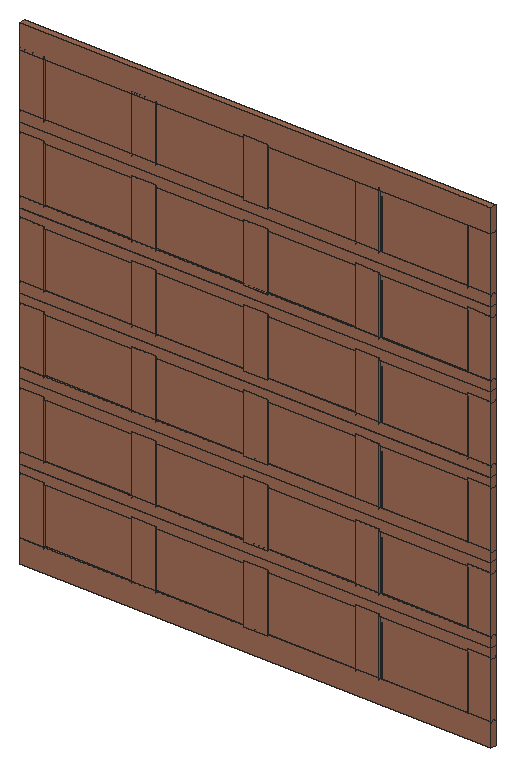
Revit family "GSNGL E 24P CRV", category Doors, host Wall, Revit 2013
Parameters
  Function = Interior
  Frame Projection Ext. = 25 mm
  Frame Projection Int. = 25 mm
  Frame Width = 75 mm
  Height = 2535 mm
  Wall Closure = By host
  Width = 2440 mm
Reference planes
  plane 1: y = 0
  plane 2 "Center (Left/Right)": x = 0
  plane 3 "Left": x = -1220
  plane 4 "Right": x = 1220
  plane 5: z = 2535
  plane 6 "Exterior": y = 75
  plane 7 "Interior": y = -75
  plane 8 "Garage Bottom": y = 75
  plane 9 "Garage Left": x = 1250
  plane 10 "Garage Right": x = -1250
  plane 11 "Garage Top": z = 2100
  plane 12: z = 476
  plane 13: z = 882
  plane 14: z = 1288
  plane 15: z = 1694
  plane 16: z = 2570
  plane 17: z = 380.546
Forms (mm)
  Sweep 1, solid, material "Garage Wood"
    path origin (2744.172, 120, 2099.954) x (1, 0, 0) y (0, 1, 0)
      loop
        line (-3994.172, -225) -> (-1494.172, -225)
    profile "Van Acht 55.5x30 Garage Rail : Van Acht 55.5x30 Garage Rail" origin (0, -105, 2099.954) x (0, 1, 0) y (0, 0, 1)
      loop
        line (0, 0.046) -> (30, 0.046) -> (30, 46.546) -> (28, 46.546)
        arc (28, 46.546) -> (25.296, 51.527) -> (20, 53.546) r 8.162
        line (20, 53.546) -> (20, 55.546) -> (0, 55.546) -> (0, 0.046)
  Extrusion 2, solid, material "Garage Wood"
    sketch origin (0, 0, 400) x (0, -1, 0) y (0, 0, -1)
      loop
        line (105, -2045) -> (85, -2045) -> (85, -2047)
        arc (85, -2047) -> (79.704, -2049.019) -> (77, -2054) r 8.162
        line (77, -2054) -> (75, -2054) -> (75, -2170) -> (105, -2170) -> (105, -2045)
    from -1250 to 1250
  Sweep 3, solid, material "Garage Wood"
    path origin (2744.172, 120, 1287.954) x (1, 0, 0) y (0, 1, 0)
      loop
        line (-3994.172, -225) -> (-1494.172, -225)
    profile "Van Acht 55.5x30 Garage Rail : Van Acht 55.5x30 Garage Rail" origin (0, -105, 1287.954) x (0, 1, 0) y (0, 0, 1)
      loop
        line (0, 0.046) -> (30, 0.046) -> (30, 46.546) -> (28, 46.546)
        arc (28, 46.546) -> (25.296, 51.527) -> (20, 53.546) r 8.162
        line (20, 53.546) -> (20, 55.546) -> (0, 55.546) -> (0, 0.046)
  Extrusion 4, solid, material "Garage Wood"
    sketch origin (0, 0, 0) x (0, -1, 0) y (0, 0, -1)
      loop
        line (105, -1694.046) -> (105, -1638.546) -> (85, -1638.546) -> (85, -1640.546)
        arc (85, -1640.546) -> (79.704, -1642.565) -> (77, -1647.546) r 8.162
        line (77, -1647.546) -> (75, -1647.546) -> (75, -1694.046) -> (105, -1694.046)
    from -1250 to 1250
  Sweep 5, solid, material "Garage Wood"
    path origin (2744.172, 120, 881.954) x (1, 0, 0) y (0, 1, 0)
      loop
        line (-3994.172, -225) -> (-1494.172, -225)
    profile "Van Acht 55.5x30 Garage Rail : Van Acht 55.5x30 Garage Rail" origin (0, -105, 881.954) x (0, 1, 0) y (0, 0, 1)
      loop
        line (0, 0.046) -> (30, 0.046) -> (30, 46.546) -> (28, 46.546)
        arc (28, 46.546) -> (25.296, 51.527) -> (20, 53.546) r 8.162
        line (20, 53.546) -> (20, 55.546) -> (0, 55.546) -> (0, 0.046)
  Extrusion 6, solid, material "Garage Wood"
    sketch origin (0, 0, -406) x (0, -1, 0) y (0, 0, -1)
      loop
        line (105, -1694.046) -> (105, -1638.546) -> (85, -1638.546) -> (85, -1640.546)
        arc (85, -1640.546) -> (79.704, -1642.565) -> (77, -1647.546) r 8.162
        line (77, -1647.546) -> (75, -1647.546) -> (75, -1694.046) -> (105, -1694.046)
    from -1250 to 1250
  Sweep 7, solid, material "Garage Wood"
    path origin (2744.172, 120, 475.954) x (1, 0, 0) y (0, 1, 0)
      loop
        line (-3994.172, -225) -> (-1494.172, -225)
    profile "Van Acht 55.5x30 Garage Rail : Van Acht 55.5x30 Garage Rail" origin (0, -105, 475.954) x (0, 1, 0) y (0, 0, 1)
      loop
        line (0, 0.046) -> (30, 0.046) -> (30, 46.546) -> (28, 46.546)
        arc (28, 46.546) -> (25.296, 51.527) -> (20, 53.546) r 8.162
        line (20, 53.546) -> (20, 55.546) -> (0, 55.546) -> (0, 0.046)
  Extrusion 8, solid, material "Garage Wood"
    sketch origin (0, 0, -812) x (0, -1, 0) y (0, 0, -1)
      loop
        line (105, -1694.046) -> (105, -1638.546) -> (85, -1638.546) -> (85, -1640.546)
        arc (85, -1640.546) -> (79.704, -1642.565) -> (77, -1647.546) r 8.162
        line (77, -1647.546) -> (75, -1647.546) -> (75, -1694.046) -> (105, -1694.046)
    from -1250 to 1250
  Extrusion 9, solid, material "Garage Wood"
    sketch origin (0, 0, -1218) x (0, -1, 0) y (0, 0, -1)
      loop
        line (105, -1694.046) -> (105, -1638.546) -> (85, -1638.546) -> (85, -1640.546)
        arc (85, -1640.546) -> (79.704, -1642.565) -> (77, -1647.546) r 8.162
        line (77, -1647.546) -> (75, -1647.546) -> (75, -1694.046) -> (105, -1694.046)
    from -1250 to 1250
  Extrusion 10, solid, material "Garage Wood"
    sketch origin (0, 0, 2169.454) x (0, -1, 0) y (0, 0, -1)
      loop
        line (105, 2045) -> (105, 2169.454) -> (75, 2169.454) -> (75, 2053.454) -> (77.097, 2053.454)
        arc (77.097, 2053.454) -> (79.86, 2048.739) -> (84.988, 2046.852) r 8.098
        line (84.988, 2046.852) -> (84.988, 2045) -> (105, 2045)
    from -1250 to 1250
  Sweep 11, solid, material "Garage Wood"
    path origin (2744.172, 120, 1693.909) x (1, 0, 0) y (0, 1, 0)
      loop
        line (-3994.172, -225) -> (-1494.172, -225)
    profile "Van Acht 55.5x30 Garage Rail : Van Acht 55.5x30 Garage Rail" origin (0, -105, 1693.909) x (0, 1, 0) y (0, 0, 1)
      loop
        line (0, 0.046) -> (30, 0.046) -> (30, 46.546) -> (28, 46.546)
        arc (28, 46.546) -> (25.296, 51.527) -> (20, 53.546) r 8.162
        line (20, 53.546) -> (20, 55.546) -> (0, 55.546) -> (0, 0.046)
  Extrusion 12, solid, material "Garage Wood"
    sketch origin (0, 0, 405.954) x (0, -1, 0) y (0, 0, -1)
      loop
        line (105, -1694.046) -> (105, -1638.546) -> (85, -1638.546) -> (85, -1640.546)
        arc (85, -1640.546) -> (79.704, -1642.565) -> (77, -1647.546) r 8.162
        line (77, -1647.546) -> (75, -1647.546) -> (75, -1694.046) -> (105, -1694.046)
    from -1250 to 1250
  Extrusion 13, solid, material "Garage Wood"
    sketch origin (3947.972, -275, 2094) x (1, 0, 0) y (0, 1, 0)
      loop
        line (-5072.972, 185) -> (-5072.972, 175) -> (-4604.222, 175) -> (-4604.222, 185) -> (-5072.972, 185)
      loop
        line (-4479.222, 185) -> (-4479.222, 175) -> (-4010.472, 175) -> (-4010.472, 185) -> (-4479.222, 185)
      loop
        line (-2822.972, 185) -> (-3291.722, 185) -> (-3291.722, 175) -> (-2822.972, 175) -> (-2822.972, 185)
      loop
        line (-3416.722, 185) -> (-3885.472, 185) -> (-3885.472, 175) -> (-3416.722, 175) -> (-3416.722, 185)
    from 55.546 to 351
  Extrusion 14, solid, material "Garage Wood"
    sketch origin (3964.172, 300, 2085) x (1, 0, 0) y (0, 1, 0)
      loop
        arc (-5091.172, -385) -> (-5093.191, -379.704) -> (-5098.172, -377) r 8.162
        line (-5098.172, -377) -> (-5098.172, -375) -> (-5214.172, -375) -> (-5214.172, -405) -> (-5089.172, -405) -> (-5089.172, -385) -> (-5091.172, -385)
      loop
        line (-2837.172, -385) -> (-2839.172, -385) -> (-2839.172, -405) -> (-2714.172, -405) -> (-2714.172, -375) -> (-2830.172, -375) -> (-2830.172, -377)
        arc (-2830.172, -377) -> (-2835.153, -379.704) -> (-2837.172, -385) r 8.162
      loop
        arc (-3903.672, -385) -> (-3905.691, -379.704) -> (-3910.672, -377) r 8.162
        line (-3910.672, -377) -> (-3910.672, -375) -> (-4017.672, -375) -> (-4017.672, -377)
        arc (-4017.672, -377) -> (-4022.653, -379.704) -> (-4024.672, -385) r 8.162
        line (-4024.672, -385) -> (-4026.672, -385) -> (-4026.672, -405) -> (-3901.672, -405) -> (-3901.672, -385) -> (-3903.672, -385)
      loop
        arc (-4497.422, -385) -> (-4499.441, -379.704) -> (-4504.422, -377) r 8.162
        line (-4504.422, -377) -> (-4504.422, -375) -> (-4611.422, -375) -> (-4611.422, -377)
        arc (-4611.422, -377) -> (-4616.403, -379.704) -> (-4618.422, -385) r 8.162
        line (-4618.422, -385) -> (-4620.422, -385) -> (-4620.422, -405) -> (-4495.422, -405) -> (-4495.422, -385) -> (-4497.422, -385)
      loop
        line (-3430.922, -385) -> (-3432.922, -385) -> (-3432.922, -405) -> (-3307.922, -405) -> (-3307.922, -385) -> (-3309.922, -385)
        arc (-3309.922, -385) -> (-3311.941, -379.704) -> (-3316.922, -377) r 8.162
        line (-3316.922, -377) -> (-3316.922, -375) -> (-3423.922, -375) -> (-3423.922, -377)
        arc (-3423.922, -377) -> (-3428.903, -379.704) -> (-3430.922, -385) r 8.162
    from 61.5 to 369
  Extrusion 15, solid, material "Garage Wood"
    sketch origin (3964.172, 300, 1250) x (1, 0, 0) y (0, 1, 0)
      loop
        arc (-5091.172, -385) -> (-5093.191, -379.704) -> (-5098.172, -377) r 8.162
        line (-5098.172, -377) -> (-5098.172, -375) -> (-5214.172, -375) -> (-5214.172, -405) -> (-5089.172, -405) -> (-5089.172, -385) -> (-5091.172, -385)
      loop
        line (-2837.172, -385) -> (-2839.172, -385) -> (-2839.172, -405) -> (-2714.172, -405) -> (-2714.172, -375) -> (-2830.172, -375) -> (-2830.172, -377)
        arc (-2830.172, -377) -> (-2835.153, -379.704) -> (-2837.172, -385) r 8.162
      loop
        arc (-3903.672, -385) -> (-3905.691, -379.704) -> (-3910.672, -377) r 8.162
        line (-3910.672, -377) -> (-3910.672, -375) -> (-4017.672, -375) -> (-4017.672, -377)
        arc (-4017.672, -377) -> (-4022.653, -379.704) -> (-4024.672, -385) r 8.162
        line (-4024.672, -385) -> (-4026.672, -385) -> (-4026.672, -405) -> (-3901.672, -405) -> (-3901.672, -385) -> (-3903.672, -385)
      loop
        arc (-4497.422, -385) -> (-4499.441, -379.704) -> (-4504.422, -377) r 8.162
        line (-4504.422, -377) -> (-4504.422, -375) -> (-4611.422, -375) -> (-4611.422, -377)
        arc (-4611.422, -377) -> (-4616.403, -379.704) -> (-4618.422, -385) r 8.162
        line (-4618.422, -385) -> (-4620.422, -385) -> (-4620.422, -405) -> (-4495.422, -405) -> (-4495.422, -385) -> (-4497.422, -385)
      loop
        line (-3430.922, -385) -> (-3432.922, -385) -> (-3432.922, -405) -> (-3307.922, -405) -> (-3307.922, -385) -> (-3309.922, -385)
        arc (-3309.922, -385) -> (-3311.941, -379.704) -> (-3316.922, -377) r 8.162
        line (-3316.922, -377) -> (-3316.922, -375) -> (-3423.922, -375) -> (-3423.922, -377)
        arc (-3423.922, -377) -> (-3428.903, -379.704) -> (-3430.922, -385) r 8.162
    from 84.5 to 397.546
  Extrusion 16, solid, material "Garage Wood"
    sketch origin (3947.972, -275, 1287.546) x (1, 0, 0) y (0, 1, 0)
      loop
        line (-5072.972, 185) -> (-5072.972, 175) -> (-4604.222, 175) -> (-4604.222, 185) -> (-5072.972, 185)
      loop
        line (-4479.222, 185) -> (-4479.222, 175) -> (-4010.472, 175) -> (-4010.472, 185) -> (-4479.222, 185)
      loop
        line (-2822.972, 185) -> (-3291.722, 185) -> (-3291.722, 175) -> (-2822.972, 175) -> (-2822.972, 185)
      loop
        line (-3416.722, 185) -> (-3885.472, 185) -> (-3885.472, 175) -> (-3416.722, 175) -> (-3416.722, 185)
    from 55.954 to 351
  Extrusion 17, solid, material "Garage Wood"
    sketch origin (3947.972, -275, 69.546) x (1, 0, 0) y (0, 1, 0)
      loop
        line (-5072.972, 185) -> (-5072.972, 175) -> (-4604.222, 175) -> (-4604.222, 185) -> (-5072.972, 185)
      loop
        line (-4479.222, 185) -> (-4479.222, 175) -> (-4010.472, 175) -> (-4010.472, 185) -> (-4479.222, 185)
      loop
        line (-2822.972, 185) -> (-3291.722, 185) -> (-3291.722, 175) -> (-2822.972, 175) -> (-2822.972, 185)
      loop
        line (-3416.722, 185) -> (-3885.472, 185) -> (-3885.472, 175) -> (-3416.722, 175) -> (-3416.722, 185)
    from 54.909 to 351
  Extrusion 18, solid, material "Garage Wood"
    sketch origin (3964.172, 300, 60.546) x (1, 0, 0) y (0, 1, 0)
      loop
        arc (-5091.172, -385) -> (-5093.191, -379.704) -> (-5098.172, -377) r 8.162
        line (-5098.172, -377) -> (-5098.172, -375) -> (-5214.172, -375) -> (-5214.172, -405) -> (-5089.172, -405) -> (-5089.172, -385) -> (-5091.172, -385)
      loop
        line (-2837.172, -385) -> (-2839.172, -385) -> (-2839.172, -405) -> (-2714.172, -405) -> (-2714.172, -375) -> (-2830.172, -375) -> (-2830.172, -377)
        arc (-2830.172, -377) -> (-2835.153, -379.704) -> (-2837.172, -385) r 8.162
      loop
        arc (-3903.672, -385) -> (-3905.691, -379.704) -> (-3910.672, -377) r 8.162
        line (-3910.672, -377) -> (-3910.672, -375) -> (-4017.672, -375) -> (-4017.672, -377)
        arc (-4017.672, -377) -> (-4022.653, -379.704) -> (-4024.672, -385) r 8.162
        line (-4024.672, -385) -> (-4026.672, -385) -> (-4026.672, -405) -> (-3901.672, -405) -> (-3901.672, -385) -> (-3903.672, -385)
      loop
        arc (-4497.422, -385) -> (-4499.441, -379.704) -> (-4504.422, -377) r 8.162
        line (-4504.422, -377) -> (-4504.422, -375) -> (-4611.422, -375) -> (-4611.422, -377)
        arc (-4611.422, -377) -> (-4616.403, -379.704) -> (-4618.422, -385) r 8.162
        line (-4618.422, -385) -> (-4620.422, -385) -> (-4620.422, -405) -> (-4495.422, -405) -> (-4495.422, -385) -> (-4497.422, -385)
      loop
        line (-3430.922, -385) -> (-3432.922, -385) -> (-3432.922, -405) -> (-3307.922, -405) -> (-3307.922, -385) -> (-3309.922, -385)
        arc (-3309.922, -385) -> (-3311.941, -379.704) -> (-3316.922, -377) r 8.162
        line (-3316.922, -377) -> (-3316.922, -375) -> (-3423.922, -375) -> (-3423.922, -377)
        arc (-3423.922, -377) -> (-3428.903, -379.704) -> (-3430.922, -385) r 8.162
    from 55.454 to 369
  Extrusion 19, solid, material "Garage Wood"
    sketch origin (3964.172, 300, 844) x (1, 0, 0) y (0, 1, 0)
      loop
        arc (-5091.172, -385) -> (-5093.191, -379.704) -> (-5098.172, -377) r 8.162
        line (-5098.172, -377) -> (-5098.172, -375) -> (-5214.172, -375) -> (-5214.172, -405) -> (-5089.172, -405) -> (-5089.172, -385) -> (-5091.172, -385)
      loop
        line (-2837.172, -385) -> (-2839.172, -385) -> (-2839.172, -405) -> (-2714.172, -405) -> (-2714.172, -375) -> (-2830.172, -375) -> (-2830.172, -377)
        arc (-2830.172, -377) -> (-2835.153, -379.704) -> (-2837.172, -385) r 8.162
      loop
        arc (-3903.672, -385) -> (-3905.691, -379.704) -> (-3910.672, -377) r 8.162
        line (-3910.672, -377) -> (-3910.672, -375) -> (-4017.672, -375) -> (-4017.672, -377)
        arc (-4017.672, -377) -> (-4022.653, -379.704) -> (-4024.672, -385) r 8.162
        line (-4024.672, -385) -> (-4026.672, -385) -> (-4026.672, -405) -> (-3901.672, -405) -> (-3901.672, -385) -> (-3903.672, -385)
      loop
        arc (-4497.422, -385) -> (-4499.441, -379.704) -> (-4504.422, -377) r 8.162
        line (-4504.422, -377) -> (-4504.422, -375) -> (-4611.422, -375) -> (-4611.422, -377)
        arc (-4611.422, -377) -> (-4616.403, -379.704) -> (-4618.422, -385) r 8.162
        line (-4618.422, -385) -> (-4620.422, -385) -> (-4620.422, -405) -> (-4495.422, -405) -> (-4495.422, -385) -> (-4497.422, -385)
      loop
        line (-3430.922, -385) -> (-3432.922, -385) -> (-3432.922, -405) -> (-3307.922, -405) -> (-3307.922, -385) -> (-3309.922, -385)
        arc (-3309.922, -385) -> (-3311.941, -379.704) -> (-3316.922, -377) r 8.162
        line (-3316.922, -377) -> (-3316.922, -375) -> (-3423.922, -375) -> (-3423.922, -377)
        arc (-3423.922, -377) -> (-3428.903, -379.704) -> (-3430.922, -385) r 8.162
    from 84.5 to 397.546
  Extrusion 20, solid, material "Garage Wood"
    sketch origin (3947.972, -275, 881.546) x (1, 0, 0) y (0, 1, 0)
      loop
        line (-5072.972, 185) -> (-5072.972, 175) -> (-4604.222, 175) -> (-4604.222, 185) -> (-5072.972, 185)
      loop
        line (-4479.222, 185) -> (-4479.222, 175) -> (-4010.472, 175) -> (-4010.472, 185) -> (-4479.222, 185)
      loop
        line (-2822.972, 185) -> (-3291.722, 185) -> (-3291.722, 175) -> (-2822.972, 175) -> (-2822.972, 185)
      loop
        line (-3416.722, 185) -> (-3885.472, 185) -> (-3885.472, 175) -> (-3416.722, 175) -> (-3416.722, 185)
    from 55.954 to 351
  Extrusion 21, solid, material "Garage Wood"
    sketch origin (3964.172, 300, 438) x (1, 0, 0) y (0, 1, 0)
      loop
        arc (-5091.172, -385) -> (-5093.191, -379.704) -> (-5098.172, -377) r 8.162
        line (-5098.172, -377) -> (-5098.172, -375) -> (-5214.172, -375) -> (-5214.172, -405) -> (-5089.172, -405) -> (-5089.172, -385) -> (-5091.172, -385)
      loop
        line (-2837.172, -385) -> (-2839.172, -385) -> (-2839.172, -405) -> (-2714.172, -405) -> (-2714.172, -375) -> (-2830.172, -375) -> (-2830.172, -377)
        arc (-2830.172, -377) -> (-2835.153, -379.704) -> (-2837.172, -385) r 8.162
      loop
        arc (-3903.672, -385) -> (-3905.691, -379.704) -> (-3910.672, -377) r 8.162
        line (-3910.672, -377) -> (-3910.672, -375) -> (-4017.672, -375) -> (-4017.672, -377)
        arc (-4017.672, -377) -> (-4022.653, -379.704) -> (-4024.672, -385) r 8.162
        line (-4024.672, -385) -> (-4026.672, -385) -> (-4026.672, -405) -> (-3901.672, -405) -> (-3901.672, -385) -> (-3903.672, -385)
      loop
        arc (-4497.422, -385) -> (-4499.441, -379.704) -> (-4504.422, -377) r 8.162
        line (-4504.422, -377) -> (-4504.422, -375) -> (-4611.422, -375) -> (-4611.422, -377)
        arc (-4611.422, -377) -> (-4616.403, -379.704) -> (-4618.422, -385) r 8.162
        line (-4618.422, -385) -> (-4620.422, -385) -> (-4620.422, -405) -> (-4495.422, -405) -> (-4495.422, -385) -> (-4497.422, -385)
      loop
        line (-3430.922, -385) -> (-3432.922, -385) -> (-3432.922, -405) -> (-3307.922, -405) -> (-3307.922, -385) -> (-3309.922, -385)
        arc (-3309.922, -385) -> (-3311.941, -379.704) -> (-3316.922, -377) r 8.162
        line (-3316.922, -377) -> (-3316.922, -375) -> (-3423.922, -375) -> (-3423.922, -377)
        arc (-3423.922, -377) -> (-3428.903, -379.704) -> (-3430.922, -385) r 8.162
    from 84.5 to 397.546
  Extrusion 22, solid, material "Garage Wood"
    sketch origin (3947.972, -275, 475.546) x (1, 0, 0) y (0, 1, 0)
      loop
        line (-5072.972, 185) -> (-5072.972, 175) -> (-4604.222, 175) -> (-4604.222, 185) -> (-5072.972, 185)
      loop
        line (-4479.222, 185) -> (-4479.222, 175) -> (-4010.472, 175) -> (-4010.472, 185) -> (-4479.222, 185)
      loop
        line (-2822.972, 185) -> (-3291.722, 185) -> (-3291.722, 175) -> (-2822.972, 175) -> (-2822.972, 185)
      loop
        line (-3416.722, 185) -> (-3885.472, 185) -> (-3885.472, 175) -> (-3416.722, 175) -> (-3416.722, 185)
    from 55.954 to 351
  Extrusion 23, solid, material "Garage Wood"
    sketch origin (3964.172, 300, 1656) x (1, 0, 0) y (0, 1, 0)
      loop
        arc (-5091.172, -385) -> (-5093.191, -379.704) -> (-5098.172, -377) r 8.162
        line (-5098.172, -377) -> (-5098.172, -375) -> (-5214.172, -375) -> (-5214.172, -405) -> (-5089.172, -405) -> (-5089.172, -385) -> (-5091.172, -385)
      loop
        line (-2837.172, -385) -> (-2839.172, -385) -> (-2839.172, -405) -> (-2714.172, -405) -> (-2714.172, -375) -> (-2830.172, -375) -> (-2830.172, -377)
        arc (-2830.172, -377) -> (-2835.153, -379.704) -> (-2837.172, -385) r 8.162
      loop
        arc (-3903.672, -385) -> (-3905.691, -379.704) -> (-3910.672, -377) r 8.162
        line (-3910.672, -377) -> (-3910.672, -375) -> (-4017.672, -375) -> (-4017.672, -377)
        arc (-4017.672, -377) -> (-4022.653, -379.704) -> (-4024.672, -385) r 8.162
        line (-4024.672, -385) -> (-4026.672, -385) -> (-4026.672, -405) -> (-3901.672, -405) -> (-3901.672, -385) -> (-3903.672, -385)
      loop
        arc (-4497.422, -385) -> (-4499.441, -379.704) -> (-4504.422, -377) r 8.162
        line (-4504.422, -377) -> (-4504.422, -375) -> (-4611.422, -375) -> (-4611.422, -377)
        arc (-4611.422, -377) -> (-4616.403, -379.704) -> (-4618.422, -385) r 8.162
        line (-4618.422, -385) -> (-4620.422, -385) -> (-4620.422, -405) -> (-4495.422, -405) -> (-4495.422, -385) -> (-4497.422, -385)
      loop
        line (-3430.922, -385) -> (-3432.922, -385) -> (-3432.922, -405) -> (-3307.922, -405) -> (-3307.922, -385) -> (-3309.922, -385)
        arc (-3309.922, -385) -> (-3311.941, -379.704) -> (-3316.922, -377) r 8.162
        line (-3316.922, -377) -> (-3316.922, -375) -> (-3423.922, -375) -> (-3423.922, -377)
        arc (-3423.922, -377) -> (-3428.903, -379.704) -> (-3430.922, -385) r 8.162
    from 84.5 to 397.546
  Extrusion 24, solid, material "Garage Wood"
    sketch origin (3947.972, -275, 1693.546) x (1, 0, 0) y (0, 1, 0)
      loop
        line (-5072.972, 185) -> (-5072.972, 175) -> (-4604.222, 175) -> (-4604.222, 185) -> (-5072.972, 185)
      loop
        line (-4479.222, 185) -> (-4479.222, 175) -> (-4010.472, 175) -> (-4010.472, 185) -> (-4479.222, 185)
      loop
        line (-2822.972, 185) -> (-3291.722, 185) -> (-3291.722, 175) -> (-2822.972, 175) -> (-2822.972, 185)
      loop
        line (-3416.722, 185) -> (-3885.472, 185) -> (-3885.472, 175) -> (-3416.722, 175) -> (-3416.722, 185)
    from 55.954 to 351
Lines and regions (mm)
  Opening 1
    outline origin (-3050, -75, 0) x (1, 0, 0) y (0, 0, 1)
      loop
        line (1830, 0) -> (4270, 0) -> (4270, 2535) -> (1830, 2535) -> (1830, 0)
  symbolic lines, style "Elevation Swing"
    curve 1: line (-1250, -105, 1694) -> (-1250, -2275, 1694)
    curve 2: line (-1250, -2275, 1694) -> (1250, -2275, 1694)
    curve 3: line (1250, -2275, 1694) -> (1250, -105, 1694)
Text (mm)
  text "Exterior" at (-2295.016, 1099.543, 0), in view "Ref. Level"
  text "Exterior" at (0, 1615.38, 3698.081), in view "Left"
  text "Exterior" at (0, 1036.032, 3874.932), in view "Right"
Dimensions and locks
  equal spacing: plane 3 "Left", plane 2 "Center (Left/Right)", plane 4 "Right"
  "Width": plane 3 "Left" to plane 4 "Right"
  "Height": plane 5 to host wall
  host wall to plane 5 = 2535 mm  (x2)
  locked: plane 6 "Exterior" to host wall at 0
  locked: plane 7 "Interior" to host wall
  plane 3 "Left" to plane 4 "Right" = 2440 mm
  plane 10 "Garage Right" to plane 9 "Garage Left" = 2500 mm
  plane 11 "Garage Top" to plane 15 to plane 14 to plane 13 to plane 12 to level = 406 mm, 406 mm, 406 mm, 406 mm, 476 mm
  plane 16 to plane 11 "Garage Top" = 470 mm
  aligned and locked: plane 3 "Left" to Opening 1 sketch curve
  aligned and locked: plane 5 to Opening 1 sketch curve  (x2)
  aligned and locked: Opening 1 sketch curve to plane 4 "Right"
  aligned and locked: Opening 1 sketch curve to level
  aligned and locked: host wall to plane 1
  aligned and locked: Extrusion 9 to plane 10 "Garage Right"
  aligned and locked: Extrusion 8 to plane 10 "Garage Right"
  aligned and locked: Extrusion 6 to plane 10 "Garage Right"
  aligned and locked: Extrusion 4 to plane 10 "Garage Right"
  aligned and locked: Extrusion 2 to plane 10 "Garage Right"
  aligned and locked: Extrusion 10 to plane 10 "Garage Right"
  aligned and locked: Extrusion 10 to plane 9 "Garage Left"
  aligned and locked: Extrusion 2 to plane 9 "Garage Left"
  aligned and locked: Extrusion 4 to plane 9 "Garage Left"
  aligned and locked: Extrusion 8 to plane 9 "Garage Left"
  aligned and locked: Extrusion 9 to plane 9 "Garage Left"
  aligned and locked: Extrusion 6 to plane 9 "Garage Left"
  aligned and locked: Extrusion 13 to Extrusion 14  (x2)
  aligned and locked: Extrusion 17 to Extrusion 18  (x2)
Automatic sketch dimensions
  Sweep 1 sketch curve to plane 10 "Garage Right" = 0 mm
  Sweep 1 sketch curve to plane 9 "Garage Left" = 0 mm
  plane 7 "Interior" to Sweep 1 sketch curve = 30 mm
  Extrusion 2 sketch curve to host wall = 0 mm
  plane 16 to Extrusion 2 sketch curve = 0 mm
  Extrusion 2 sketch curve to host wall = 10 mm
  Extrusion 2 sketch curve to plane 5 = 90 mm
  Extrusion 2 sketch curve to Extrusion 2 sketch curve = 2 mm  (x2)
  Extrusion 2 sketch curve to Extrusion 2 sketch curve = 20 mm
  Extrusion 2 sketch curve to Extrusion 2 sketch curve = 8.079 mm
  Extrusion 2 sketch curve to Extrusion 2 sketch curve = 7 mm
  Sweep 3 sketch curve to plane 10 "Garage Right" = 0 mm
  Sweep 3 sketch curve to plane 9 "Garage Left" = 0 mm
  plane 7 "Interior" to Sweep 3 sketch curve = 30 mm
  Extrusion 4 sketch curve to host wall = 0 mm
  Extrusion 4 sketch curve to host wall = 10 mm
  plane 15 to Extrusion 4 sketch curve = 55.454 mm
  Extrusion 4 sketch curve to host wall = 2 mm
  Extrusion 4 sketch curve to plane 15 = 0.046 mm
  Extrusion 4 sketch curve to host wall = 30 mm
  Extrusion 4 sketch curve to Extrusion 4 sketch curve = 0.079 mm
  Extrusion 4 sketch curve to Extrusion 4 sketch curve = 2 mm
  Extrusion 4 sketch curve to Extrusion 4 sketch curve = 7 mm
  Sweep 5 sketch curve to plane 10 "Garage Right" = 0 mm
  Sweep 5 sketch curve to plane 9 "Garage Left" = 0 mm
  plane 7 "Interior" to Sweep 5 sketch curve = 30 mm
  Extrusion 6 sketch curve to host wall = 0 mm
  Extrusion 6 sketch curve to host wall = 10 mm
  plane 14 to Extrusion 6 sketch curve = 55.454 mm
  Extrusion 6 sketch curve to host wall = 2 mm
  Extrusion 6 sketch curve to plane 14 = 0.046 mm
  Extrusion 6 sketch curve to host wall = 30 mm
  Extrusion 6 sketch curve to Extrusion 6 sketch curve = 0.079 mm
  Extrusion 6 sketch curve to Extrusion 6 sketch curve = 2 mm
  Extrusion 6 sketch curve to Extrusion 6 sketch curve = 7 mm
  Sweep 7 sketch curve to plane 10 "Garage Right" = 0 mm
  Sweep 7 sketch curve to plane 9 "Garage Left" = 0 mm
  plane 7 "Interior" to Sweep 7 sketch curve = 30 mm
  Extrusion 8 sketch curve to host wall = 0 mm
  Extrusion 8 sketch curve to host wall = 10 mm
  plane 13 to Extrusion 8 sketch curve = 55.454 mm
  Extrusion 8 sketch curve to host wall = 2 mm
  Extrusion 8 sketch curve to plane 13 = 0.046 mm
  Extrusion 8 sketch curve to host wall = 30 mm
  Extrusion 8 sketch curve to Extrusion 8 sketch curve = 0.079 mm
  Extrusion 8 sketch curve to Extrusion 8 sketch curve = 2 mm
  Extrusion 8 sketch curve to Extrusion 8 sketch curve = 7 mm
  Extrusion 9 sketch curve to host wall = 0 mm
  Extrusion 9 sketch curve to host wall = 10 mm
  Extrusion 9 sketch curve to plane 17 = 40 mm
  Extrusion 9 sketch curve to host wall = 2 mm
  Extrusion 9 sketch curve to plane 12 = 0.046 mm
  Extrusion 9 sketch curve to host wall = 30 mm
  Extrusion 9 sketch curve to Extrusion 9 sketch curve = 0.079 mm
  Extrusion 9 sketch curve to Extrusion 9 sketch curve = 2 mm
  Extrusion 9 sketch curve to Extrusion 9 sketch curve = 7 mm
  Extrusion 10 sketch curve to host wall = 0 mm
  Extrusion 10 sketch curve to level = 0 mm
  host wall to Extrusion 10 sketch curve = 9.988 mm
  level to Extrusion 10 sketch curve = 124.454 mm
  Extrusion 10 sketch curve to Extrusion 10 sketch curve = 2.097 mm
  Extrusion 10 sketch curve to Extrusion 10 sketch curve = 20.012 mm
  Extrusion 10 sketch curve to Extrusion 10 sketch curve = 0.068 mm
  Extrusion 10 sketch curve to Extrusion 10 sketch curve = 1.852 mm
  Extrusion 10 sketch curve to Extrusion 10 sketch curve = 6.602 mm
  curve 1 to plane 10 "Garage Right" = 0 mm
  curve 2 to plane 9 "Garage Left" = 0 mm
  host wall to curve 1 = 2200 mm
  host wall to curve 3 = 30 mm
  host wall to curve 1 = 30 mm
  Sweep 11 sketch curve to plane 10 "Garage Right" = 0 mm
  Sweep 11 sketch curve to plane 9 "Garage Left" = 0 mm
  plane 7 "Interior" to Sweep 11 sketch curve = 30 mm
  Extrusion 12 sketch curve to host wall = 0 mm
  plane 11 "Garage Top" to Extrusion 12 sketch curve = 0 mm
  Extrusion 12 sketch curve to host wall = 10 mm
  Extrusion 12 sketch curve to plane 11 "Garage Top" = 55.5 mm
  Extrusion 12 sketch curve to host wall = 2 mm
  Extrusion 12 sketch curve to host wall = 30 mm
  Extrusion 12 sketch curve to Extrusion 12 sketch curve = 0.079 mm
  Extrusion 12 sketch curve to Extrusion 12 sketch curve = 2 mm
  Extrusion 12 sketch curve to Extrusion 12 sketch curve = 7 mm
  host wall to Extrusion 13 sketch curve = 15 mm  (x4)
  Extrusion 13 sketch curve to plane 3 "Left" = 95 mm
  host wall to Extrusion 13 sketch curve = 25 mm  (x3)
  Extrusion 13 sketch curve to Extrusion 13 sketch curve = 468.75 mm  (x2)
  Extrusion 13 sketch curve to Extrusion 13 sketch curve = 125 mm  (x2)
  Extrusion 13 sketch curve to plane 2 "Center (Left/Right)" = 62.5 mm
  plane 2 "Center (Left/Right)" to Extrusion 13 sketch curve = 62.5 mm
  plane 4 "Right" to Extrusion 13 sketch curve = 95 mm
  Extrusion 13 sketch curve to Extrusion 13 sketch curve = 10 mm
  Extrusion 14 sketch curve to plane 10 "Garage Right" = 0 mm
  host wall to Extrusion 14 sketch curve = 0 mm  (x5)
  Extrusion 14 sketch curve to plane 9 "Garage Left" = 0 mm
  host wall to Extrusion 14 sketch curve = 30 mm  (x4)
  Extrusion 14 sketch curve to plane 3 "Left" = 86 mm
  Extrusion 14 sketch curve to Extrusion 14 sketch curve = 7 mm  (x8)
  Extrusion 14 sketch curve to Extrusion 14 sketch curve = 2 mm  (x15)
  Extrusion 14 sketch curve to Extrusion 14 sketch curve = 468.75 mm  (x2)
  Extrusion 14 sketch curve to Extrusion 14 sketch curve = 107 mm  (x2)
  Extrusion 14 sketch curve to plane 2 "Center (Left/Right)" = 62.5 mm
  plane 2 "Center (Left/Right)" to Extrusion 14 sketch curve = 53.5 mm
  host wall to Extrusion 14 sketch curve = 2 mm
  host wall to Extrusion 14 sketch curve = 10 mm  (x8)
  plane 4 "Right" to Extrusion 14 sketch curve = 95 mm
  Extrusion 14 sketch curve to Extrusion 14 sketch curve = 1.161 mm  (x4)
  Extrusion 14 sketch curve to Extrusion 14 sketch curve = 8.161 mm  (x4)
  Extrusion 14 sketch curve to Extrusion 14 sketch curve = 30 mm
  Extrusion 15 sketch curve to plane 10 "Garage Right" = 0 mm
  host wall to Extrusion 15 sketch curve = 0 mm  (x5)
  Extrusion 15 sketch curve to plane 9 "Garage Left" = 0 mm
  host wall to Extrusion 15 sketch curve = 30 mm  (x4)
  Extrusion 15 sketch curve to plane 3 "Left" = 86 mm
  Extrusion 15 sketch curve to Extrusion 15 sketch curve = 7 mm  (x8)
  Extrusion 15 sketch curve to Extrusion 15 sketch curve = 2 mm  (x15)
  Extrusion 15 sketch curve to Extrusion 15 sketch curve = 468.75 mm  (x2)
  Extrusion 15 sketch curve to Extrusion 15 sketch curve = 107 mm  (x2)
  Extrusion 15 sketch curve to plane 2 "Center (Left/Right)" = 62.5 mm
  plane 2 "Center (Left/Right)" to Extrusion 15 sketch curve = 53.5 mm
  host wall to Extrusion 15 sketch curve = 2 mm
  host wall to Extrusion 15 sketch curve = 10 mm  (x8)
  plane 4 "Right" to Extrusion 15 sketch curve = 95 mm
  Extrusion 15 sketch curve to Extrusion 15 sketch curve = 1.161 mm  (x4)
  Extrusion 15 sketch curve to Extrusion 15 sketch curve = 8.161 mm  (x4)
  Extrusion 15 sketch curve to Extrusion 15 sketch curve = 30 mm
  host wall to Extrusion 16 sketch curve = 15 mm  (x4)
  Extrusion 16 sketch curve to plane 3 "Left" = 95 mm
  host wall to Extrusion 16 sketch curve = 25 mm  (x3)
  Extrusion 16 sketch curve to Extrusion 16 sketch curve = 468.75 mm  (x2)
  Extrusion 16 sketch curve to Extrusion 16 sketch curve = 125 mm  (x2)
  Extrusion 16 sketch curve to plane 2 "Center (Left/Right)" = 62.5 mm
  plane 2 "Center (Left/Right)" to Extrusion 16 sketch curve = 62.5 mm
  plane 4 "Right" to Extrusion 16 sketch curve = 95 mm
  Extrusion 16 sketch curve to Extrusion 16 sketch curve = 10 mm
  host wall to Extrusion 17 sketch curve = 15 mm  (x4)
  Extrusion 17 sketch curve to plane 3 "Left" = 95 mm
  host wall to Extrusion 17 sketch curve = 25 mm  (x3)
  Extrusion 17 sketch curve to Extrusion 17 sketch curve = 468.75 mm  (x2)
  Extrusion 17 sketch curve to Extrusion 17 sketch curve = 125 mm  (x2)
  Extrusion 17 sketch curve to plane 2 "Center (Left/Right)" = 62.5 mm
  plane 2 "Center (Left/Right)" to Extrusion 17 sketch curve = 62.5 mm
  plane 4 "Right" to Extrusion 17 sketch curve = 95 mm
  Extrusion 17 sketch curve to Extrusion 17 sketch curve = 10 mm
  Extrusion 18 sketch curve to plane 10 "Garage Right" = 0 mm
  host wall to Extrusion 18 sketch curve = 0 mm  (x5)
  Extrusion 18 sketch curve to plane 9 "Garage Left" = 0 mm
  host wall to Extrusion 18 sketch curve = 30 mm  (x4)
  Extrusion 18 sketch curve to plane 3 "Left" = 86 mm
  Extrusion 18 sketch curve to Extrusion 18 sketch curve = 7 mm  (x8)
  Extrusion 18 sketch curve to Extrusion 18 sketch curve = 2 mm  (x15)
  Extrusion 18 sketch curve to Extrusion 18 sketch curve = 468.75 mm  (x2)
  Extrusion 18 sketch curve to Extrusion 18 sketch curve = 107 mm  (x2)
  Extrusion 18 sketch curve to plane 2 "Center (Left/Right)" = 62.5 mm
  plane 2 "Center (Left/Right)" to Extrusion 18 sketch curve = 53.5 mm
  host wall to Extrusion 18 sketch curve = 2 mm
  host wall to Extrusion 18 sketch curve = 10 mm  (x8)
  plane 4 "Right" to Extrusion 18 sketch curve = 95 mm
  Extrusion 18 sketch curve to Extrusion 18 sketch curve = 1.161 mm  (x5)
  Extrusion 18 sketch curve to Extrusion 18 sketch curve = 8.161 mm  (x3)
  Extrusion 18 sketch curve to Extrusion 18 sketch curve = 30 mm
  Extrusion 19 sketch curve to plane 10 "Garage Right" = 0 mm
  host wall to Extrusion 19 sketch curve = 0 mm  (x5)
  Extrusion 19 sketch curve to plane 9 "Garage Left" = 0 mm
  host wall to Extrusion 19 sketch curve = 30 mm  (x4)
  Extrusion 19 sketch curve to plane 3 "Left" = 86 mm
  Extrusion 19 sketch curve to Extrusion 19 sketch curve = 7 mm  (x8)
  Extrusion 19 sketch curve to Extrusion 19 sketch curve = 2 mm  (x15)
  Extrusion 19 sketch curve to Extrusion 19 sketch curve = 468.75 mm  (x2)
  Extrusion 19 sketch curve to Extrusion 19 sketch curve = 107 mm  (x2)
  Extrusion 19 sketch curve to plane 2 "Center (Left/Right)" = 62.5 mm
  plane 2 "Center (Left/Right)" to Extrusion 19 sketch curve = 53.5 mm
  host wall to Extrusion 19 sketch curve = 2 mm
  host wall to Extrusion 19 sketch curve = 10 mm  (x8)
  plane 4 "Right" to Extrusion 19 sketch curve = 95 mm
  Extrusion 19 sketch curve to Extrusion 19 sketch curve = 1.161 mm  (x3)
  Extrusion 19 sketch curve to Extrusion 19 sketch curve = 8.161 mm  (x5)
  Extrusion 19 sketch curve to Extrusion 19 sketch curve = 30 mm
  host wall to Extrusion 20 sketch curve = 15 mm  (x4)
  Extrusion 20 sketch curve to plane 3 "Left" = 95 mm
  host wall to Extrusion 20 sketch curve = 25 mm  (x3)
  Extrusion 20 sketch curve to Extrusion 20 sketch curve = 468.75 mm  (x2)
  Extrusion 20 sketch curve to Extrusion 20 sketch curve = 125 mm  (x2)
  Extrusion 20 sketch curve to plane 2 "Center (Left/Right)" = 62.5 mm
  plane 2 "Center (Left/Right)" to Extrusion 20 sketch curve = 62.5 mm
  plane 4 "Right" to Extrusion 20 sketch curve = 95 mm
  Extrusion 20 sketch curve to Extrusion 20 sketch curve = 10 mm
  Extrusion 21 sketch curve to plane 10 "Garage Right" = 0 mm
  host wall to Extrusion 21 sketch curve = 0 mm  (x5)
  Extrusion 21 sketch curve to plane 9 "Garage Left" = 0 mm
  host wall to Extrusion 21 sketch curve = 30 mm  (x4)
  Extrusion 21 sketch curve to plane 3 "Left" = 86 mm
  Extrusion 21 sketch curve to Extrusion 21 sketch curve = 7 mm  (x8)
  Extrusion 21 sketch curve to Extrusion 21 sketch curve = 2 mm  (x15)
  Extrusion 21 sketch curve to Extrusion 21 sketch curve = 468.75 mm  (x2)
  Extrusion 21 sketch curve to Extrusion 21 sketch curve = 107 mm  (x2)
  Extrusion 21 sketch curve to plane 2 "Center (Left/Right)" = 62.5 mm
  plane 2 "Center (Left/Right)" to Extrusion 21 sketch curve = 53.5 mm
  host wall to Extrusion 21 sketch curve = 2 mm
  host wall to Extrusion 21 sketch curve = 10 mm  (x8)
  plane 4 "Right" to Extrusion 21 sketch curve = 95 mm
  Extrusion 21 sketch curve to Extrusion 21 sketch curve = 1.161 mm  (x4)
  Extrusion 21 sketch curve to Extrusion 21 sketch curve = 8.161 mm  (x4)
  Extrusion 21 sketch curve to Extrusion 21 sketch curve = 30 mm
  host wall to Extrusion 22 sketch curve = 15 mm  (x4)
  Extrusion 22 sketch curve to plane 3 "Left" = 95 mm
  host wall to Extrusion 22 sketch curve = 25 mm  (x3)
  Extrusion 22 sketch curve to Extrusion 22 sketch curve = 468.75 mm  (x2)
  Extrusion 22 sketch curve to Extrusion 22 sketch curve = 125 mm  (x2)
  Extrusion 22 sketch curve to plane 2 "Center (Left/Right)" = 62.5 mm
  plane 2 "Center (Left/Right)" to Extrusion 22 sketch curve = 62.5 mm
  plane 4 "Right" to Extrusion 22 sketch curve = 95 mm
  Extrusion 22 sketch curve to Extrusion 22 sketch curve = 10 mm
  Extrusion 23 sketch curve to plane 10 "Garage Right" = 0 mm
  host wall to Extrusion 23 sketch curve = 0 mm  (x5)
  Extrusion 23 sketch curve to plane 9 "Garage Left" = 0 mm
  host wall to Extrusion 23 sketch curve = 30 mm  (x4)
  Extrusion 23 sketch curve to plane 3 "Left" = 86 mm
  Extrusion 23 sketch curve to Extrusion 23 sketch curve = 7 mm  (x8)
  Extrusion 23 sketch curve to Extrusion 23 sketch curve = 2 mm  (x15)
  Extrusion 23 sketch curve to Extrusion 23 sketch curve = 468.75 mm  (x2)
  Extrusion 23 sketch curve to Extrusion 23 sketch curve = 107 mm  (x2)
  Extrusion 23 sketch curve to plane 2 "Center (Left/Right)" = 62.5 mm
  plane 2 "Center (Left/Right)" to Extrusion 23 sketch curve = 53.5 mm
  host wall to Extrusion 23 sketch curve = 2 mm
  host wall to Extrusion 23 sketch curve = 10 mm  (x8)
  plane 4 "Right" to Extrusion 23 sketch curve = 95 mm
  Extrusion 23 sketch curve to Extrusion 23 sketch curve = 1.161 mm  (x4)
  Extrusion 23 sketch curve to Extrusion 23 sketch curve = 8.161 mm  (x4)
  Extrusion 23 sketch curve to Extrusion 23 sketch curve = 30 mm
  host wall to Extrusion 24 sketch curve = 15 mm  (x4)
  Extrusion 24 sketch curve to plane 3 "Left" = 95 mm
  host wall to Extrusion 24 sketch curve = 25 mm  (x3)
  Extrusion 24 sketch curve to Extrusion 24 sketch curve = 468.75 mm  (x2)
  Extrusion 24 sketch curve to Extrusion 24 sketch curve = 125 mm  (x2)
  Extrusion 24 sketch curve to plane 2 "Center (Left/Right)" = 62.5 mm
  plane 2 "Center (Left/Right)" to Extrusion 24 sketch curve = 62.5 mm
  plane 4 "Right" to Extrusion 24 sketch curve = 95 mm
  Extrusion 24 sketch curve to Extrusion 24 sketch curve = 10 mm
